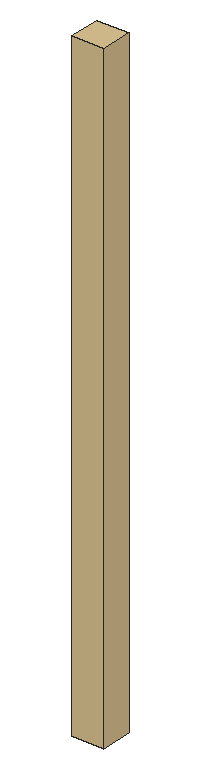
Revit family "Wood Timber Column", category 기둥, Revit 2026
Family settings
  로드될 때 보이드를 사용하여 절단 = 아니오
  자동으로 형상을 벽에 결합합니다 = 예
  공유 = 아니오
  평면도에서 미리 절단된 패밀리 표시 = 예
Parameters (values of type "6 x 6")
  조합 코드 = "B1010200"
  Depth = 0' - 5 1/2"
  Material = Wood - Dimensional Lumber
  Width = 0' - 5 1/2"
Types (8): name | Depth | Width
  (no name) | 0' - 5 1/2" | 0' - 5 1/2"
  6 x 8 | 0' - 7 1/2" | 0' - 5 1/2"
  8 x 8 | 0' - 7 1/2" | 0' - 7 1/2"
  6 x 6 | 0' - 5 1/2" | 0' - 5 1/2"
  8 x 10 | 0' - 9 1/2" | 0' - 7 1/2"
  5 x 5 | 0' - 4 1/2" | 0' - 4 1/2"
  6 x 10 | 0' - 9 1/2" | 0' - 5 1/2"
  8 x 12 | 0' - 11 1/2" | 0' - 7 1/2"
Reference planes (in)
  plane 1: y = 0
  plane 2: z = 0
  plane 3: x = 0
  plane 4: x = -2.75
  plane 5: x = 2.75
  plane 6: y = 2.75
  plane 7: y = -2.75
Forms (in)
  Extrusion 1, solid, material "Wood - Dimensional Lumber" <- "Material"
    sketch origin (0, 0, 0) x (1, 0, 0) y (0, 1, 0)
      loop
        line (-2.75, -2.75) -> (2.75, -2.75) -> (2.75, 2.75) -> (-2.75, 2.75) -> (-2.75, -2.75)
    from 0 to 108
Lines and regions (in)
  symbolic lines, style "Columns"
    curve 1: line (-2.75, 2.75, 0) -> (2.75, -2.75, 0)
    curve 2: line (2.75, 2.75, 0) -> (-2.75, -2.75, 0)
Dimensions and locks (in)
  equal spacing: plane 4, plane 3, plane 5
  equal spacing: plane 7, plane 1, plane 6
  "Width": plane 4 to plane 5
  "Depth": plane 7 to plane 6
  aligned and locked: plane 4 to Extrusion 1 sketch curve
  aligned and locked: plane 5 to Extrusion 1 sketch curve
  aligned and locked: Extrusion 1 sketch curve to plane 5
  aligned and locked: level to Extrusion 1
Automatic sketch dimensions
  Extrusion 1 sketch curve to plane 7 = 0' - 0"
  Extrusion 1 sketch curve to plane 6 = 0' - 0"
  curve 2 to plane 5 = 0' - 0"
  curve 1 to plane 5 = 0' - 0"
  curve 1 to plane 7 = 0' - 0"
  curve 2 to plane 6 = 0' - 0"
  curve 1 to plane 6 = 0' - 0"
  curve 2 to plane 4 = 0' - 0"
  curve 1 to plane 4 = 0' - 0"
  curve 2 to plane 7 = 0' - 0"
